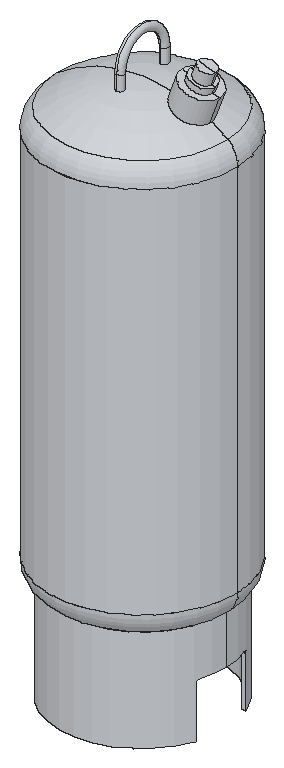
Revit family
Parameters (values of type "WX-50-L 125# W.P.")
  Weight = "76 lbs"
  Tank Volume = "13 Gal"
  Tank Only/Less Stand = 31.402"
  Tank Height/Length = 35.063"
  Tank Diameter = 12.000"
  Pipe Connector Diameter = Pipe Connection Radius * 2  # 1.250"
  Pipe Connection Radius = 0.625"
  Model = "WX-50-L"
  Maximum Acceptance Volume = "11 Gal"
  Max Operating Temp = "240 DEG F"
  Max Operating Pressure = "125 PSI"
  Manufacturer = "Amtrol"
  Lifting Ring Location = 3.500" / 2  # 1.750"
  Floor to Elbow Centerline = 1.688"
  Floor to Bottom of Tank = 3.661"
  Bladder/Diaphragm = "Bladder"
  ASME = yes
Reference planes (in)
  plane 1 "Center (Front/Back)": y = 0
  plane 2: z = 0
  plane 3 "Center (Left/Right)": x = 0
Forms (in)
  Revolve 1, solid
    sketch origin (0, 0, 0) x (1, 0, 0) y (0, 0, 1)
      loop
        line (3.20454, 4.357) -> (3.20454, 5.38871)
        arc (3.20454, 5.38871) -> (3.28098, 5.44343) -> (3.30625, 5.53397) r 0.14146
        arc (3.30625, 5.53397) -> (4.36924, 6.00724) -> (5.35602, 6.62385) r 8.34036
        arc (5.35602, 6.62385) -> (5.85151, 7.204) -> (6.02962, 7.94587) r 1.6341
        line (6.02962, 7.94587) -> (6.02962, 32.01863)
        arc (6.02962, 32.01863) -> (5.87295, 32.7404) -> (5.40065, 33.30822) r 1.55337
        arc (5.40065, 33.30822) -> (2.84317, 34.62525) -> (0, 35.063) r 8.95075
        line (0, 35.063) -> (0, 3.661) -> (3.19936, 3.661) -> (3.19936, 4.161) -> (2.165, 4.161) -> (2.165, 4.357) -> (3.20454, 4.357)
      axis (0, 3.661) -> (0, 35.063)
    angle from 0 to 360
  Revolve 2, solid
    sketch origin (0, 0, 0) x (1, 0, 0) y (0, 0, 1)
      loop
        line (3.1094, 34.2955) -> (4.28625, 33.86716) -> (4.88478, 35.51162) -> (4.468, 35.66332) -> (4.59637, 36.01603) -> (4.36507, 36.10022) -> (4.63254, 36.83509) -> (4.10378, 37.02755) -> (3.1094, 34.2955)
      axis (4.10378, 37.02755) -> (3.1094, 34.2955)
    angle from 0 to 360
  Revolve 3, solid
    sketch origin (0, 0, 0) x (1, 0, 0) y (0, 0, 1)
      loop
        line (-5.33638, 0) -> (-5.08638, 0) -> (-5.08638, 7.44707) -> (-5.33638, 7.44707) -> (-5.33638, 0)
      axis (0, 0) -> (0, 7.44707)
    angle from 0 to 360
  Revolve 4, solid
    sketch origin (0, 0, 0) x (1, 0, 0) y (0, 0, 1)
      loop
        line (0.6492, 3.3675) -> (0.6492, 4.19707) -> (0, 4.19707) -> (0, 3.3675) -> (0.6492, 3.3675)
      axis (0, 3.3675) -> (0, 4.19707)
    angle from 0 to 360
  Extrusion 5, void
    sketch origin (0, 0, 0) x (0, 1, 0) y (0, 0, 1)
      loop
        line (0, 3.5) -> (-1.75, 3.5)
        arc (-1.75, 3.5) -> (-1.92678, 3.42678) -> (-2, 3.25) r 0.25
        line (-2, 3.25) -> (-2, -0.25) -> (2, -0.25) -> (2, 3.25)
        arc (2, 3.25) -> (1.92678, 3.42678) -> (1.75, 3.5) r 0.25
        line (1.75, 3.5) -> (0, 3.5)
    from 2.84574 to 12
  Sweep 6, solid
    path origin (0, 0, 0) x (1, 0, 0) y (0, 0, 1)
      loop
        line (0, 3.188) -> (0, 2.886)
        arc (0, 2.886) -> (0.35089, 2.03889) -> (1.198, 1.688) r 1.198
        line (1.198, 1.688) -> (1.5, 1.688)
    profile origin (0, 0, 3.037) x (0, -1, 0) y (1, 0, 0)
      loop
        circle (0, 0) r 0.75
  Sweep 7, solid
    path origin (0, 0, 0) x (0, 1, 0) y (0, 0, 1)
      loop
        line (1.75, 35.08602) -> (1.75, 36.00246)
        arc (1.75, 36.00246) -> (0, 37.75246) -> (-1.75, 36.00246) r 1.75
        line (-1.75, 36.00246) -> (-1.75, 35.08602)
    profile origin (0, 1.75, 35.54424) x (0, -1, 0) y (1, 0, 0)
      loop
        circle (0, 0) r 0.25
Cuts and joins
  Extrusion 5 cuts Revolve 3
  Extrusion 5 cuts Revolve 4
Dimensions and locks (in)
  "Floor to Elbow Centerline": Sweep 6 sketch curve to cut or joined group of Revolve 3, Extrusion 5
  "Lifting Ring Location": Sweep 7 sketch curve to plane 1 "Center (Front/Back)"
  Revolve 1 sketch curve to Revolve 1 sketch curve = 7.39738"
  "Floor to Bottom of Tank": Revolve 1 sketch curve to cut or joined group of Revolve 3, Extrusion 5
  "Tank Only/Less Stand": Revolve 1 sketch curve to Revolve 1 sketch curve
  Revolve 2 sketch curve to Revolve 2 sketch curve = 0.5627"
  Revolve 2 sketch curve to Revolve 2 sketch curve = 2.90738"
  Revolve 2 sketch curve to Revolve 2 sketch curve = 2.12534"
  Revolve 2 sketch curve to Revolve 2 sketch curve = 1.750"
  Revolve 2 sketch curve to Revolve 1 = 1.84853"
  Revolve 2 sketch curve to Revolve 1 = 2.27687"
  aligned and locked: plane 1 "Center (Front/Back)" to import instance
  aligned and locked: plane 3 "Center (Left/Right)" to import instance
Automatic sketch dimensions
  Revolve 4 sketch curve to plane 3 "Center (Left/Right)" = 0.000"  (x2)
  plane 3 "Center (Left/Right)" to Revolve 4 sketch curve = 0.6492"
  level to Revolve 4 sketch curve = 3.3675"
  Revolve 4 sketch curve to Revolve 4 sketch curve = 0.000"
  Revolve 4 sketch curve to Revolve 4 sketch curve = 0.82957"
  Revolve 4 sketch curve to Revolve 4 sketch curve = 1.25068"
  Extrusion 5 sketch curve to plane 1 "Center (Front/Back)" = 0.000"
  plane 1 "Center (Front/Back)" to Extrusion 5 sketch curve = 1.750"
  Extrusion 5 sketch curve to Extrusion 5 sketch curve = 0.250"  (x2)
  Extrusion 5 sketch curve to plane 1 "Center (Front/Back)" = 1.750"
  Extrusion 5 sketch curve to level = 0.250"
  level to Extrusion 5 sketch curve = 3.250"
  Sweep 6 sketch curve to plane 3 "Center (Left/Right)" = 0.000"
  Sweep 6 sketch curve to Sweep 6 sketch curve = 1.198"
  Sweep 6 sketch curve to Sweep 6 sketch curve = 0.302"  (x2)
  plane 1 "Center (Front/Back)" to Sweep 6 sketch curve = 0.000"
  Sweep 6 sketch curve to profile plane = 0.000"
  plane 1 "Center (Front/Back)" to Sweep 7 sketch curve = 0.000"
  level to Sweep 7 sketch curve = 35.08602"
  Sweep 7 sketch curve to Sweep 7 sketch curve = 0.000"
  Sweep 7 sketch curve to Sweep 7 sketch curve = 0.91644"
  Sweep 7 sketch curve to plane 3 "Center (Left/Right)" = 0.000"
  Sweep 7 sketch curve to profile plane = 0.000"
  Revolve 3 sketch curve to level = 0.000"  (x2)
  Revolve 3 sketch curve to plane 3 "Center (Left/Right)" = 0.000"
  Revolve 3 sketch curve to plane 3 "Center (Left/Right)" = 5.08638"
  Revolve 3 sketch curve to Revolve 3 sketch curve = 0.250"
  level to Revolve 3 sketch curve = 7.44707"
  Revolve 3 sketch curve to Revolve 3 sketch curve = 1.05293"
  Revolve 1 sketch curve to plane 3 "Center (Left/Right)" = 0.000"  (x2)
  plane 3 "Center (Left/Right)" to Revolve 1 sketch curve = 0.07724"
  plane 3 "Center (Left/Right)" to Revolve 1 sketch curve = 0.45368"
  plane 3 "Center (Left/Right)" to Revolve 1 sketch curve = 2.165"
  Revolve 1 sketch curve to Revolve 1 sketch curve = 1.0001"
  Revolve 1 sketch curve to Revolve 1 sketch curve = 1.03436"
  Revolve 1 sketch curve to Revolve 1 sketch curve = 0.00518"
  Revolve 1 sketch curve to Revolve 1 sketch curve = 0.14115"
  Revolve 1 sketch curve to Revolve 1 sketch curve = 1.08927"
  Revolve 1 sketch curve to Revolve 1 sketch curve = 0.9605"
  Revolve 1 sketch curve to Revolve 1 sketch curve = 0.000"  (x3)
  Revolve 1 sketch curve to Revolve 1 sketch curve = 0.92386"
  Revolve 1 sketch curve to Revolve 1 sketch curve = 0.62898"
  Revolve 1 sketch curve to Revolve 1 sketch curve = 0.500"
  Revolve 1 sketch curve to Revolve 1 sketch curve = 0.196"
  Revolve 1 sketch curve to Revolve 1 sketch curve = 1.03171"
  Revolve 1 sketch curve to Revolve 1 sketch curve = 0.13585"
  Revolve 1 sketch curve to Revolve 1 sketch curve = 6.0341"
  Revolve 1 sketch curve to Revolve 1 sketch curve = 4.47679"
  plane 3 "Center (Left/Right)" to Revolve 2 sketch curve = 2.7357"
  Revolve 2 sketch curve to Revolve 2 sketch curve = 0.3737"
  Revolve 2 sketch curve to Revolve 2 sketch curve = 0.000"  (x2)
  Revolve 2 sketch curve to Revolve 2 sketch curve = 0.10293"
  Revolve 2 sketch curve to Revolve 2 sketch curve = 0.2313"
  radius of Sweep 6 sketch curve = 0.750"
  radius of Sweep 7 sketch curve = 0.250"
Connectors (in)
  piping at (1.5, 0, 1.688), driven by "Pipe Connection Radius"
    settings: on Sweep 6, index 1
